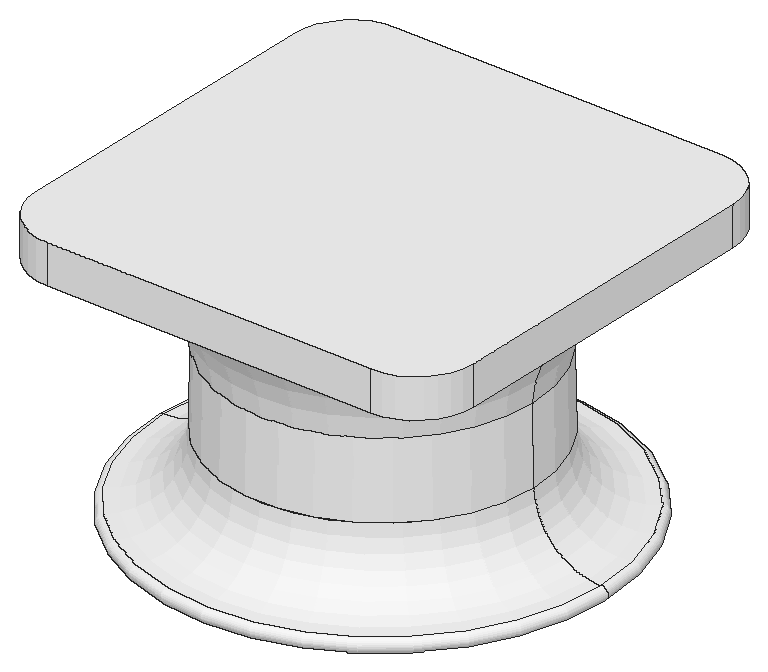
Revit family "NBS_PineappleContracts_OffcTbl_RynoCoffeeTable", category Furniture, Revit 2017
Family settings
  Work Plane-Based = No
  Always vertical = Yes
  Cut with Voids When Loaded = No
  Shared = No
  Room Calculation Point = No
Parameters
  WorksurfaceArea = 0.00 m²
  Weight = "50 kg"
  WarrantyStartDate [instance] = "1900-12-31T23:59:59"
  WarrantyGuarantorParts = "n/a"
  WarrantyGuarantorLabor = "n/a"
  WarrantyDurationUnit = "year"
  WarrantyDurationParts = "7"
  WarrantyDurationLabor = "n/a"
  WarrantyDescription = "Guarantee against manufacturing faults"
  WallThickness = 0 mm
  Version = "6"  # constant formula
  Uniclass2015Version = "Products v1.13"
  Uniclass2015Title = "Office tables"
  Uniclass2015Code = "Pr_40_50_21_60"
  TagNumber [instance] = "n/a"
  TableTop = "Flat laminate"
  TableMaterial = NBS_Concept
  SustainabilityPerformance = "n/a"
  StrengthAndStability = "Level 3"
  Size = "655 x 655 x 425 mm"
  Shape = "Square"
  SerialNumber [instance] = "n/a"
  Revision = "n/a"
  ReplacementCost = "n/a"
  ProductInformation = "www.pineapplecontracts.com/userfiles/file/RYNO-brochure.pdf"
  NumberOfChairs = 0
  NominalWidth = 655 mm  # constant formula
  NominalLength = 655 mm  # constant formula
  NominalHeight = 425 mm  # constant formula
  NominalDepth = 0 mm
  Name = "OfficeTables_RynoCoffeeTable_PineappleContracts"
  NBSReference = "45-35-20/340"
  NBSDescription = "Office tables"
  NBSCertification = "www.nationalbimlibrary.com/cert/0b1bunc4"
  ModelReference = "Ryno Coffee Table"
  ModelNumber = "ARYF-002"
  Material = "Polyethylene"
  ManufacturerURL = "www.pineapplecontracts.com"
  ManufacturerName = "Pineapple Contracts"
  Manufacturer = "www.pineapplecontracts.com"
  MainColor = "n/a"
  IsBuiltIn = no
  IntegralAccessories = "n/a"
  InstallationDate [instance] = "1900-12-31T23:59:59"
  IfcExportType = "TABLE"
  IfcExportAs = "IfcFurnishingElementType"
  Grade = "n/a"
  Functions = "Lounge"
  FrameSupports = "Contoured table design"
  FrameSize = "n/a"
  FrameColour = "n/a"
  Finish = "Anti-microbial, wipe-clean surface with excellent chemical resistance"
  Feet = "Stainless steel glides"
  Features = "n/a"
  ExposedEdges = "Rounded"
  ExpectedLife = "n/a"
  EnvironmentalProductDeclaration = "n/a"
  DurationUnit = "year"
  Description = "Polyethylene coffee table"
  Constituents = "n/a"
  ColourOptions = "blaze orange, vegas yellow, icon purple, epic blue, moonwalk grey, thunder grey, cool green, lime green, black, granite"
  CodePerformance = "n/a"
  Category = "Pr_40_50_21_60:Office tables"
  BarCode [instance] = "n/a"
  BIMObjectName = "NBS_PineappleContracts_OfficeTables_RynoCoffeeTable"
  Author = "NBS"
  AssetType = "Movable"
  AssetIdentifier [instance] = "n/a"
  AccessibilityPerformance = "n/a"
Types (2, lengths in mm): name | Uniclass2015Version | ColourOptions
  (no name) | "Products v1.13" | "blaze orange, vegas yellow, icon purple, epic blue, moonwalk grey, thunder grey, cool green, lime green, black, granite"
  NBS_PineappleContracts_OfficeTables_RynoCoffeeTable | "Products v1.5" | "Black, Dark blue, Granite, Light blue, Lime, Orange, Red, White"
Reference planes
  plane 1 "Center (Front/Back)": y = 0
  plane 2: z = 0
  plane 3 "Center (Left/Right)": x = 0
  plane 4: z = 425
  plane 5: z = 366.55
  plane 6: y = 327.5
  plane 7: y = -327.5
  plane 8: x = 327.5
  plane 9: x = -327.5
Forms (mm)
  Revolve 1, solid, material "NBS_Concept" <- "TableMaterial"
    sketch origin (-1443.779, 0, 0) x (1, 0, 0) y (0, 0, 1)
      loop
        line (1441.329, -0.036) -> (1769.18, -0.036)
        arc (1769.18, -0.036) -> (1779.215, 9.999) -> (1769.18, 20.034) r 10.035
        arc (1769.18, 20.034) -> (1698.788, 47.115) -> (1668.503, 116.19) r 97.961
        arc (1668.503, 116.19) -> (1664.586, 172.662) -> (1666.463, 229.239) r 553.091
        arc (1666.463, 229.239) -> (1697.813, 312.318) -> (1768.124, 366.55) r 162.649
        line (1768.124, 366.55) -> (1723.124, 366.55) -> (1723.124, 412.149) -> (1441.329, 412.149) -> (1441.329, -0.036)
      axis (1441.329, 412.149) -> (1441.329, -0.036)
    angle from 0 to 360
  Extrusion 2, solid, material "NBS_Concept" <- "TableMaterial"
    sketch origin (0, 0, 0) x (1, 0, 0) y (0, 1, 0)
      loop
        line (243.878, 327.5) -> (-243.878, 327.5)
        arc (-243.878, 327.5) -> (-303.008, 303.008) -> (-327.5, 243.878) r 83.622
        line (-327.5, 243.878) -> (-327.5, -242.03)
        arc (-327.5, -242.03) -> (-302.467, -302.467) -> (-242.03, -327.5) r 85.47
        line (-242.03, -327.5) -> (242.03, -327.5)
        arc (242.03, -327.5) -> (302.467, -302.467) -> (327.5, -242.03) r 85.47
        line (327.5, -242.03) -> (327.5, 243.878)
        arc (327.5, 243.878) -> (303.008, 303.008) -> (243.878, 327.5) r 83.622
    from 366.55 to 425
Dimensions and locks
  "NominalHeight": plane 4 to level
  "NominalLength": plane 6 to plane 7
  "NominalWidth": plane 9 to plane 8
  equal spacing: plane 9, plane 3 "Center (Left/Right)", plane 8
  equal spacing: plane 6, plane 1 "Center (Front/Back)", plane 7
  aligned and locked: level to plane 2
  aligned and locked: Extrusion 2 to plane 4
  aligned and locked: plane 8 to Extrusion 2
  aligned and locked: plane 6 to Extrusion 2
  aligned and locked: Extrusion 2 to plane 7
  aligned and locked: plane 9 to Extrusion 2
Automatic sketch dimensions
  Extrusion 2 sketch curve to plane 6 = 0 mm
  Extrusion 2 sketch curve to plane 7 = 0 mm
  Extrusion 2 sketch curve to plane 8 = 0 mm
  Extrusion 2 sketch curve to plane 8 = 83.622 mm
  Extrusion 2 sketch curve to Extrusion 2 sketch curve = 85.47 mm
  Extrusion 2 sketch curve to plane 9 = 85.47 mm
  Extrusion 2 sketch curve to plane 9 = 83.622 mm
  plane 9 to Extrusion 2 sketch curve = 0 mm
  Revolve 1 sketch curve to plane 4 = 0 mm
  Revolve 1 sketch curve to level = 0 mm
  Revolve 1 sketch curve to plane 5 = 0 mm
  Revolve 1 sketch curve to level = 0.036 mm
  Revolve 1 sketch curve to plane 3 "Center (Left/Right)" = 2.45 mm
  Revolve 1 sketch curve to plane 8 = 48.155 mm
  Revolve 1 sketch curve to plane 8 = 4.831 mm
  Revolve 1 sketch curve to plane 8 = 3.155 mm
  Revolve 1 sketch curve to plane 8 = 2.099 mm
  plane 8 to Revolve 1 sketch curve = 57.255 mm
  level to Revolve 1 sketch curve = 182.64 mm
  Revolve 1 sketch curve to Revolve 1 sketch curve = 389.054 mm
  level to Revolve 1 sketch curve = 9.999 mm
  Revolve 1 sketch curve to Revolve 1 sketch curve = 97.923 mm
  Revolve 1 sketch curve to Revolve 1 sketch curve = 97.579 mm
  Revolve 1 sketch curve to Revolve 1 sketch curve = 12.851 mm
  Revolve 1 sketch curve to Revolve 1 sketch curve = 0 mm  (x2)
